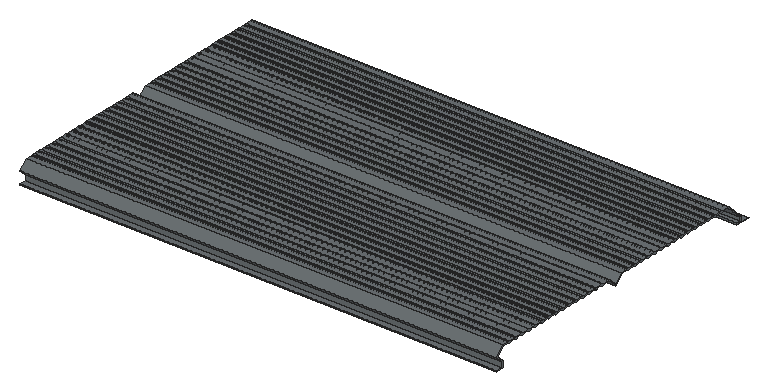
Revit family "BIMLIB_СайдингМеталлическийЭкобрусGofr_GRANDLINE", category Обобщенные модели, Revit 2017
Family settings
  Может служить основой для арматурных стержней = Нет
  Размер круглого соединителя = Использовать диаметр
  Тип детали = Нормальный
  При загрузке вырезать с полостями = Нет
  Общий = Нет
  Точка расчета площади = Нет
Parameters (values of type "Экобрус Gofr")
  Смещение от плоскости [instance] = 0 mm
  Описание = ADSK_Наименование  # "Металлический сайдинг Экобрус gofr"
  Изготовитель = "Grand Line"  # constant formula
  built-in parameter 1001306 [instance] = 500 mm
  Watermark [instance] = "Модели защищены уникальным кодом"
  URL = "https://www.grandline.ru"
  BL_Разработано = "support@bimlib.pro"
  BL_Email = "info@grandline.ru"
  BL_BIM library = "https://bimlib.pro/manufacturer/company/22430"
  ADSK_Размер_Ширина = 320 mm
  ADSK_Размер_Длина [instance] = [built-in parameter 1001306]  # 500 mm
  ADSK_Обозначение = "ГОСТ 19904-90, ГОСТ 14918-80"
  ADSK_Наименование = "Металлический сайдинг Экобрус gofr"
  ADSK_Материал тип подсчета = 2  # constant formula
  ADSK_Материал = GL_Drap_RAL7016
  ADSK_Масса_Текст [instance] = ""
  ADSK_Масса [instance] = 0
  ADSK_Марка = ""
  ADSK_Количество [instance] = if(ADSK_Материал тип подсчета = 0, 1, if(ADSK_Материал тип подсчета = 1, ADSK_Размер_Длина / 1000 mm, if(ADSK_Материал тип подсчета = 2, ADSK_Размер_Длина * ADSK_Размер_Ширина / 1.00 m², 0)))  # 0.16
  ADSK_Код изделия = "M13.085.02"  # constant formula
  ADSK_Завод-изготовитель = "Grand Line"  # constant formula
  ADSK_Единица измерения = "м2"  # constant formula
  ADSK_Группирование = "Сайдинг"  # constant formula
  ADSK_Версия Revit = "2017"  # constant formula
  ADSK_URL страницы изделия = "https://www.grandline.ru/shop/fasad/metallicheskij-sajding/metallosajding-ekobrus-gl/"
  ADSK_URL документации изделия = "https://www.grandline.ru/shop/fasad/metallicheskij-sajding/metallosajding-ekobrus-gl/tehnicheskaya-dokumentaciya/#techdoc"
Reference planes
  plane 1 "По центру (Вперед/Назад)": y = 0
  plane 2: z = 0
  plane 3 "Слева": x = 0
  plane 4 "Справа": x = 500
  plane 5: y = 315.8
Forms (mm)
  Sweep 1, solid, material "GL_Drap_RAL7016" <- "ADSK_Материал"
    path in 3D
      loop
        line (0, 0, 0) -> (500, 0, 0)
    profile "Профиль_СайдингМеталлическийЭкобрусGofr : Профиль" origin (250, 0, 0) x (0, 1, 0) y (0, 0, 1)
      loop
        line (7.992, 21.992) -> (0, 14) -> (6.837, 7.163) -> (6.837, 1.6) -> (0, 1.6) -> (0, 0.8) -> (7.637, 0.8) -> (7.637, 7.495) -> (1.131, 14) -> (8.324, 21.192) -> (15.373, 21.192)
        arc (15.373, 21.192) -> (16.75, 20.4) -> (18.127, 21.192) r 1.592
        line (18.127, 21.192) -> (24.123, 21.192)
        arc (24.123, 21.192) -> (25.5, 20.4) -> (26.877, 21.192) r 1.592
        line (26.877, 21.192) -> (32.873, 21.192)
        arc (32.873, 21.192) -> (34.25, 20.4) -> (35.627, 21.192) r 1.592
        line (35.627, 21.192) -> (41.623, 21.192)
        arc (41.623, 21.192) -> (43, 20.4) -> (44.377, 21.192) r 1.592
        line (44.377, 21.192) -> (50.373, 21.192)
        arc (50.373, 21.192) -> (51.75, 20.4) -> (53.127, 21.192) r 1.592
        line (53.127, 21.192) -> (59.123, 21.192)
        arc (59.123, 21.192) -> (60.5, 20.4) -> (61.877, 21.192) r 1.592
        line (61.877, 21.192) -> (67.873, 21.192)
        arc (67.873, 21.192) -> (69.25, 20.4) -> (70.627, 21.192) r 1.592
        line (70.627, 21.192) -> (76.623, 21.192)
        arc (76.623, 21.192) -> (78, 20.4) -> (79.377, 21.192) r 1.592
        line (79.377, 21.192) -> (85.373, 21.192)
        arc (85.373, 21.192) -> (86.75, 20.4) -> (88.127, 21.192) r 1.592
        line (88.127, 21.192) -> (94.123, 21.192)
        arc (94.123, 21.192) -> (95.5, 20.4) -> (96.877, 21.192) r 1.592
        line (96.877, 21.192) -> (102.873, 21.192)
        arc (102.873, 21.192) -> (104.25, 20.4) -> (105.627, 21.192) r 1.592
        line (105.627, 21.192) -> (111.623, 21.192)
        arc (111.623, 21.192) -> (113, 20.4) -> (114.377, 21.192) r 1.592
        line (114.377, 21.192) -> (120.373, 21.192)
        arc (120.373, 21.192) -> (121.75, 20.4) -> (123.127, 21.192) r 1.592
        line (123.127, 21.192) -> (129.123, 21.192)
        arc (129.123, 21.192) -> (130.5, 20.4) -> (131.877, 21.192) r 1.592
        line (131.877, 21.192) -> (137.873, 21.192)
        arc (137.873, 21.192) -> (139.25, 20.4) -> (140.627, 21.192) r 1.592
        line (140.627, 21.192) -> (147.676, 21.192) -> (156, 12.869) -> (164.324, 21.192) -> (171.373, 21.192)
        arc (171.373, 21.192) -> (172.75, 20.4) -> (174.127, 21.192) r 1.592
        line (174.127, 21.192) -> (180.123, 21.192)
        arc (180.123, 21.192) -> (181.5, 20.4) -> (182.877, 21.192) r 1.592
        line (182.877, 21.192) -> (188.873, 21.192)
        arc (188.873, 21.192) -> (190.25, 20.4) -> (191.627, 21.192) r 1.592
        line (191.627, 21.192) -> (197.623, 21.192)
        arc (197.623, 21.192) -> (199, 20.4) -> (200.377, 21.192) r 1.592
        line (200.377, 21.192) -> (206.373, 21.192)
        arc (206.373, 21.192) -> (207.75, 20.4) -> (209.127, 21.192) r 1.592
        line (209.127, 21.192) -> (215.123, 21.192)
        arc (215.123, 21.192) -> (216.5, 20.4) -> (217.877, 21.192) r 1.592
        line (217.877, 21.192) -> (223.873, 21.192)
        arc (223.873, 21.192) -> (225.25, 20.4) -> (226.627, 21.192) r 1.592
        line (226.627, 21.192) -> (232.623, 21.192)
        arc (232.623, 21.192) -> (234, 20.4) -> (235.377, 21.192) r 1.592
        line (235.377, 21.192) -> (241.373, 21.192)
        arc (241.373, 21.192) -> (242.75, 20.4) -> (244.127, 21.192) r 1.592
        line (244.127, 21.192) -> (250.123, 21.192)
        arc (250.123, 21.192) -> (251.5, 20.4) -> (252.877, 21.192) r 1.592
        line (252.877, 21.192) -> (258.873, 21.192)
        arc (258.873, 21.192) -> (260.25, 20.4) -> (261.627, 21.192) r 1.592
        line (261.627, 21.192) -> (267.623, 21.192)
        arc (267.623, 21.192) -> (269, 20.4) -> (270.377, 21.192) r 1.592
        line (270.377, 21.192) -> (276.373, 21.192)
        arc (276.373, 21.192) -> (277.75, 20.4) -> (279.127, 21.192) r 1.592
        line (279.127, 21.192) -> (285.123, 21.192)
        arc (285.123, 21.192) -> (286.5, 20.4) -> (287.877, 21.192) r 1.592
        line (287.877, 21.192) -> (293.873, 21.192)
        arc (293.873, 21.192) -> (295.25, 20.4) -> (296.627, 21.192) r 1.592
        line (296.627, 21.192) -> (303.676, 21.192) -> (319.2, 5.669) -> (319.2, 2.4) -> (315, 2.4) -> (315, 0) -> (330, 0) -> (330, 0.8) -> (315.8, 0.8) -> (315.8, 1.6) -> (320, 1.6) -> (320, 6) -> (304.008, 21.992) -> (296.042, 21.992)
        arc (296.042, 21.992) -> (295.25, 21.2) -> (294.458, 21.992) r 0.792
        line (294.458, 21.992) -> (287.292, 21.992)
        arc (287.292, 21.992) -> (286.5, 21.2) -> (285.708, 21.992) r 0.792
        line (285.708, 21.992) -> (278.542, 21.992)
        arc (278.542, 21.992) -> (277.75, 21.2) -> (276.958, 21.992) r 0.792
        line (276.958, 21.992) -> (269.792, 21.992)
        arc (269.792, 21.992) -> (269, 21.2) -> (268.208, 21.992) r 0.792
        line (268.208, 21.992) -> (261.042, 21.992)
        arc (261.042, 21.992) -> (260.25, 21.2) -> (259.458, 21.992) r 0.792
        line (259.458, 21.992) -> (252.292, 21.992)
        arc (252.292, 21.992) -> (251.5, 21.2) -> (250.708, 21.992) r 0.792
        line (250.708, 21.992) -> (243.542, 21.992)
        arc (243.542, 21.992) -> (242.75, 21.2) -> (241.958, 21.992) r 0.792
        line (241.958, 21.992) -> (234.792, 21.992)
        arc (234.792, 21.992) -> (234, 21.2) -> (233.208, 21.992) r 0.792
        line (233.208, 21.992) -> (226.042, 21.992)
        arc (226.042, 21.992) -> (225.25, 21.2) -> (224.458, 21.992) r 0.792
        line (224.458, 21.992) -> (217.292, 21.992)
        arc (217.292, 21.992) -> (216.5, 21.2) -> (215.708, 21.992) r 0.792
        line (215.708, 21.992) -> (208.542, 21.992)
        arc (208.542, 21.992) -> (207.75, 21.2) -> (206.958, 21.992) r 0.792
        line (206.958, 21.992) -> (199.792, 21.992)
        arc (199.792, 21.992) -> (199, 21.2) -> (198.208, 21.992) r 0.792
        line (198.208, 21.992) -> (191.042, 21.992)
        arc (191.042, 21.992) -> (190.25, 21.2) -> (189.458, 21.992) r 0.792
        line (189.458, 21.992) -> (182.292, 21.992)
        arc (182.292, 21.992) -> (181.5, 21.2) -> (180.708, 21.992) r 0.792
        line (180.708, 21.992) -> (173.542, 21.992)
        arc (173.542, 21.992) -> (172.75, 21.2) -> (171.958, 21.992) r 0.792
        line (171.958, 21.992) -> (163.992, 21.992) -> (156, 14) -> (148.008, 21.992) -> (140.042, 21.992)
        arc (140.042, 21.992) -> (139.25, 21.2) -> (138.458, 21.992) r 0.792
        line (138.458, 21.992) -> (131.292, 21.992)
        arc (131.292, 21.992) -> (130.5, 21.2) -> (129.708, 21.992) r 0.792
        line (129.708, 21.992) -> (122.542, 21.992)
        arc (122.542, 21.992) -> (121.75, 21.2) -> (120.958, 21.992) r 0.792
        line (120.958, 21.992) -> (113.792, 21.992)
        arc (113.792, 21.992) -> (113, 21.2) -> (112.208, 21.992) r 0.792
        line (112.208, 21.992) -> (105.042, 21.992)
        arc (105.042, 21.992) -> (104.25, 21.2) -> (103.458, 21.992) r 0.792
        line (103.458, 21.992) -> (96.292, 21.992)
        arc (96.292, 21.992) -> (95.5, 21.2) -> (94.708, 21.992) r 0.792
        line (94.708, 21.992) -> (87.542, 21.992)
        arc (87.542, 21.992) -> (86.75, 21.2) -> (85.958, 21.992) r 0.792
        line (85.958, 21.992) -> (78.792, 21.992)
        arc (78.792, 21.992) -> (78, 21.2) -> (77.208, 21.992) r 0.792
        line (77.208, 21.992) -> (70.042, 21.992)
        arc (70.042, 21.992) -> (69.25, 21.2) -> (68.458, 21.992) r 0.792
        line (68.458, 21.992) -> (61.292, 21.992)
        arc (61.292, 21.992) -> (60.5, 21.2) -> (59.708, 21.992) r 0.792
        line (59.708, 21.992) -> (52.542, 21.992)
        arc (52.542, 21.992) -> (51.75, 21.2) -> (50.958, 21.992) r 0.792
        line (50.958, 21.992) -> (43.792, 21.992)
        arc (43.792, 21.992) -> (43, 21.2) -> (42.208, 21.992) r 0.792
        line (42.208, 21.992) -> (35.042, 21.992)
        arc (35.042, 21.992) -> (34.25, 21.2) -> (33.458, 21.992) r 0.792
        line (33.458, 21.992) -> (26.292, 21.992)
        arc (26.292, 21.992) -> (25.5, 21.2) -> (24.708, 21.992) r 0.792
        line (24.708, 21.992) -> (17.542, 21.992)
        arc (17.542, 21.992) -> (16.75, 21.2) -> (15.958, 21.992) r 0.792
        line (15.958, 21.992) -> (7.992, 21.992)
Lines and regions (mm)
  reference lines
    curve 1: line (0, 0, 0) -> (500, 0, 0)
  sketch lines
    curve 2: line (0, 0, 0) -> (500, 0, 0)
Dimensions and locks
  "built-in parameter 1001306": plane 3 "Слева" to plane 4 "Справа"
  aligned and locked: plane 4 "Справа" to curve 1
  aligned and locked: plane 1 "По центру (Вперед/Назад)" to curve 1
  aligned and locked: plane 3 "Слева" to curve 1
  aligned and locked: level to plane 2
